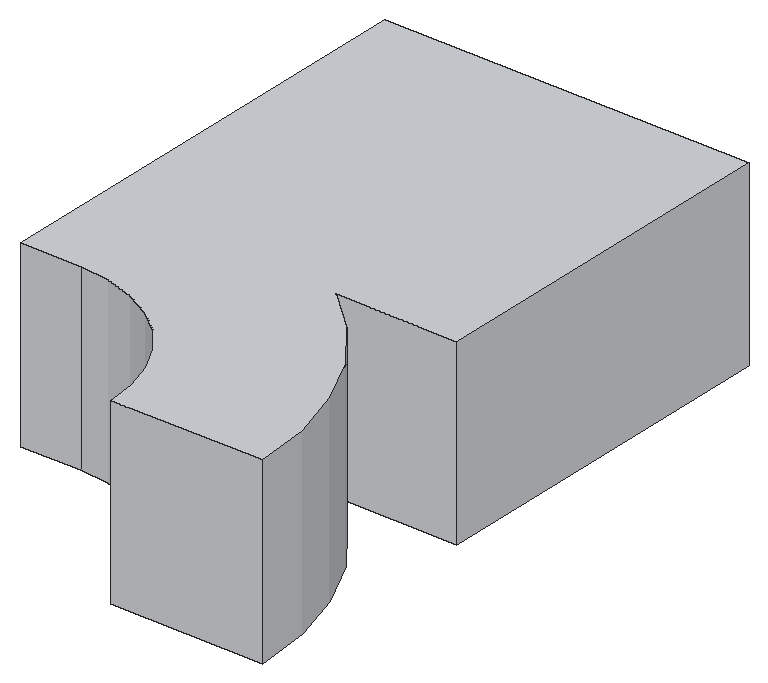
Revit family "M_Y retangular - Raio suave", category Conexões de duto, Revit 2019
Family settings
  Cota do conector redondo = Utilizar diâmetro
  Tipo de parte = Ipsílon
  Número OmniClass = 23.75.70.14
  Título OmniClass = Air Ductwork
  ID de item do Seek = Rectangular Wye - Smooth Radius-0000-CAN-ENU
  Com base no plano de trabalho = Não
  Sempre na vertical = Sim
  Corte com vazios quando carregada = Não
  Compartilhado = Não
Parameters (values of type "Padrão")
  l1 [instance] = 1.5 * Largura do duto 3  # 375 mm
  l0 [instance] = Largura do duto 3 / 2  # 125 mm
  Largura do duto 2 [instance] = 600 mm
  built-in parameter 1114242 [instance] = (empty or 0)
  Largura do duto 3 [instance] = 250 mm
  Largura do duto 1 [instance] = 750 mm
  Altura do duto [instance] = 300 mm
  Comprimento do rebaixo [instance] = 100 mm
  CL_Deslocamento [instance] = abs(Largura do duto 1 - Largura do duto 2) / 4  # 37.5 mm
  Assembly Code = ""
Reference planes
  plane 1 "Centro (Frente/Trás)": y = 0
  plane 2: z = 0
  plane 3 "Centro (Esquerda/Direita)": x = 0
  plane 4: y = 337.5
  plane 5: y = -412.5
  plane 6: y = -37.5
  plane 7: y = 37.5
  plane 8: y = -662.5
  plane 9: x = 125
  plane 10: x = -375
  plane 11: x = -475
  plane 12: y = -262.5
  plane 13: x = -125
Forms (mm)
  Sweep 1, solid, detail levels medium+fine
    path in 3D
      loop
        line (-475, -37.5, 0) -> (-375, -37.5, 0)
    profile "M_Duto - Retangular : Duto - Retangular 1" origin (-425, -37.5, 0) x (0, 1, 0) y (0, 0, 1)
      loop
        line (-375, 150) -> (-375, -150) -> (375, -150) -> (375, 150) -> (-375, 150)
  Sweep 2, solid, detail levels medium+fine
    path in 3D
      loop
        line (-375, 37.5, 0) -> (125, 37.5, 0)
    profile "M_Duto - Retangular : Duto - Retangular 2" origin (-125, 37.5, 0) x (0, 1, 0) y (0, 0, 1)
      loop
        line (-300, 150) -> (-300, -150) -> (300, -150) -> (300, 150) -> (-300, 150)
  Sweep 3, solid, detail levels medium+fine
    path in 3D
      loop
        arc (0, -662.5, 0) -> (-109.835, -397.335, 0) -> (-375, -287.5, 0) r 375
    profile "M_Duto - Retangular : Duto - Retangular 3" origin (-109.835, -397.335, 0) x (-0.707107, -0.707107, 0) y (0, 0, 1)
      loop
        line (-125, 150) -> (-125, -150) -> (125, -150) -> (125, 150) -> (-125, 150)
Cuts and joins
  joined: Sweep 1, Sweep 2, Sweep 3
Lines and regions (mm)
  reference lines
    curve 1: line (-475, -37.5, 0) -> (-375, -37.5, 0)
    curve 2: line (-375, 37.5, 0) -> (125, 37.5, 0)
    curve 5: arc (0, -662.5, 0) -> (-109.835, -397.335, 0) -> (-375, -287.5, 0) r 375
  sketch lines
    curve 3: line (-475, -37.5, 0) -> (-375, -37.5, 0)
    curve 4: line (-375, 37.5, 0) -> (125, 37.5, 0)
    curve 6: arc (0, -662.5, 0) -> (-109.835, -397.335, 0) -> (-375, -287.5, 0) r 375
  model lines, style "DuctFitting", detail levels coarse
    curve 7: arc (0, -662.5, 0) -> (-109.835, -397.335, 0) -> (-375, -287.5, 0) r 375
    curve 8: line (-375, -287.5, 0) -> (-475, -37.5, 0)
    curve 9: line (-475, -37.5, 0) -> (-375, 37.5, 0)
    curve 10: line (-375, 37.5, 0) -> (125, 37.5, 0)
Dimensions and locks
  "CL_Deslocamento": plane 1 "Centro (Frente/Trás)" to plane 7
  "CL_Deslocamento": plane 6 to plane 1 "Centro (Frente/Trás)"
  equal spacing: plane 5, plane 6, plane 4
  "Largura do duto 1": plane 5 to plane 4
  "Largura do duto 3": plane 8 to plane 5
  "l0": plane 3 "Centro (Esquerda/Direita)" to plane 9
  "l1": plane 10 to plane 3 "Centro (Esquerda/Direita)"
  "Comprimento do rebaixo": plane 11 to plane 10
  "Largura do duto 2": plane 12 to plane 4
  "l0": plane 13 to plane 3 "Centro (Esquerda/Direita)"
  "l1": radius of curve 5
  aligned and locked: plane 11 to curve 1
  aligned and locked: plane 10 to curve 1
  aligned and locked: plane 6 to curve 1
  aligned and locked: plane 10 to curve 2
  aligned and locked: plane 9 to curve 2
  aligned and locked: plane 7 to curve 2
  aligned and locked: plane 8 to curve 5
  aligned and locked: plane 10 to curve 5
  aligned and locked: curve 7 to curve 5
  aligned and locked: plane 9 to curve 10
  aligned and locked: connector elem to curve 8
Automatic sketch dimensions
  curve 9 to plane 10 = 0 mm
  curve 10 to plane 7 = 0 mm
  curve 9 to plane 11 = 0 mm
Connectors
  hvac at (-475, -37.5, 0), driven by "Altura do duto", driven by "Largura do duto 1"
    settings: on Sweep 1, index 1, duct flow 0.0 L/s, flow factor 0, pres drop 0.0 Pa, loss coef 0, conn angle 0.00°, conn width 750 mm, conn height 300 mm, conn diameter 609.6 mm, duct sys type 28, conn prof type 1, flow config 0, flow direction 0, loss method 0, conn ref index 2, conn util no, is conn primary yes, conn desc ""
  hvac at (125, 37.5, 0), driven by "Altura do duto", driven by "Largura do duto 2"
    settings: on Sweep 2, index 2, duct flow 0.0 L/s, flow factor 0, pres drop 0.0 Pa, loss coef 0, conn angle 0.00°, conn width 600 mm, conn height 300 mm, conn diameter 609.6 mm, duct sys type 28, conn prof type 1, flow config 0, flow direction 0, loss method 0, conn ref index 1, conn util no, is conn primary no, conn desc ""
  hvac at (0, -662.5, 0), driven by "Altura do duto", driven by "Largura do duto 3"
    settings: on Sweep 3, index 3, duct flow 0.0 L/s, flow factor 0, pres drop 0.0 Pa, loss coef 0, conn angle 0.00°, conn width 250 mm, conn height 300 mm, conn diameter 609.6 mm, duct sys type 28, conn prof type 1, flow config 0, flow direction 0, loss method 0, conn ref index -1, conn util no, is conn primary no, conn desc ""
